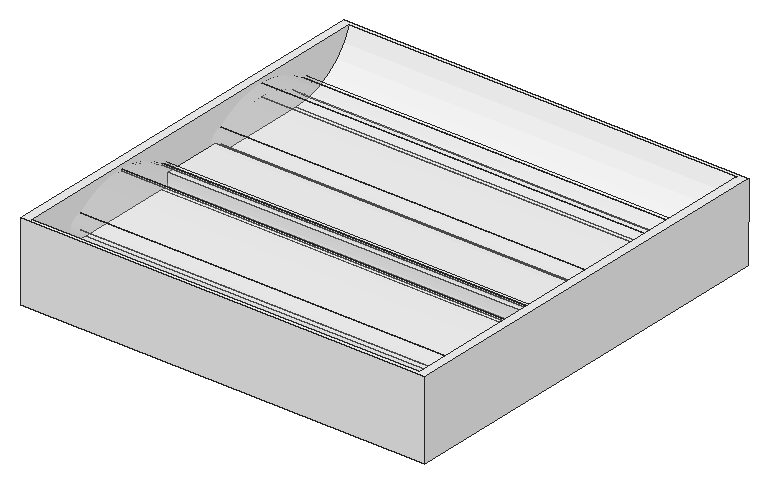
Revit family "TCAT22_and_24-SM", category Lighting Fixtures, host Face, Revit 2021
Family settings
  Host = Face
  Round Connector Dimension = Use Diameter
  Part Type = Normal
  OmniClass Number = 23.80.70.11
  OmniClass Title = Luminaries for Internal Lighting
  Cut with Voids When Loaded = No
  Light Source = Yes
  Shared = No
  Room Calculation Point = No
Parameters (values of type "TCAT22")
  zz Length = Row Length - 1.000"  # 23.000"
  Width = 24.000"
  Watts = 37 W
  Wattage = 69 W
  Warranty = "Five-year warranty"  # constant formula
  built-in parameter 1150110 = 1 (stored number, unit not read)
  Voltage = 120 V
  Wattage Comments = "12-37 W"
  URL = "https://www.currentlighting.com/columbia"
  built-in parameter 1114217 = 1 (stored number, unit not read)
  Tilt Angle = -90.00°
  built-in parameter 1150109 = 1 (stored number, unit not read)
  built-in parameter 1150134 = 2
  built-in parameter 1150113 = 1 (stored number, unit not read)
  Product Page URL = ""
  Product Documentation Link = ""
  Photometric Web File = "TCAT22-50HLx-EDU.ies"
  Model = "TCAT22"
  Manufacturer = "Columbia Lighting"  # constant formula
  Row Length = 24.000"
  built-in parameter 1150105 = 815.62 (stored number, unit not read)
  Lumens = 10249.4 lm
  built-in parameter 1150115 = 1 (stored number, unit not read)
  Load Classification = Lighting
  built-in parameter 1150137 = (empty or 0)
  built-in parameter 1150139 = (empty or 0)
  built-in parameter 1150112 = 1 (stored number, unit not read)
  built-in parameter 1150114 = 1 (stored number, unit not read)
  Lamp = "LED lamp"  # constant formula
  Light Bulb = White Glass
  built-in parameter 1150132 = (empty or 0)
  built-in parameter 1150102 = (empty or 0)
  built-in parameter 1150107 = 5000 (stored number, unit not read)
  built-in parameter 1150138 = (empty or 0)
  built-in parameter 1150106 = 8.1562 (stored number, unit not read)
  Emit from Rectangle Width = 3.000"
  Emit from Rectangle Length = 22.800"
  Emit Shape Visible in Rendering = no
  built-in parameter 1150104 = 13.8 (stored number, unit not read)
  Dimming Lamp Color Temperature Shift = <None>
  Description = "LED Twin Contemporary Architectural Troffer"  # constant formula
  Default Elevation = 48.000"
  Color Filter = 16777215
  Certifications = "UL 1598, 2108 & CSA"  # constant formula
  built-in parameter 1114218 = 1 (stored number, unit not read)
  Backbox = White
  built-in parameter 1150133 = 10 (stored number, unit not read)
  Apparent Load = 0 VA
Types (3): name | zz Length | Watts | Wattage Comments | built-in parameter 1150134 | Photometric Web File | Model | Row Length | built-in parameter 1150107 | Emit from Rectangle Length
  (no name) | 23.000" | 37 W | "12-37 W" | 2 | "TCAT22-50HLx-EDU.ies" | "TCAT22" | 24.000" | 5000 (stored number, unit not read) | 22.800"
  TCAT24 | 47.000" | 69 W | "19-69 W" | (empty or 0) | "TCAT24-30LWx-EDU.ies" | "TCAT24" | 48.000" | 3000 (stored number, unit not read) | 46.800"
  TCAT22 | 23.000" | 37 W | "12-37 W" | 2 | "TCAT22-50HLx-EDU.ies" | "TCAT22" | 24.000" | 5000 (stored number, unit not read) | 22.800"
Reference planes (in)
  plane 1 "Center (Front/Back)": y = 0.03999
  plane 2: z = 0
  plane 3 "Center (Left/Right)": x = 1.66944
  plane 4: x = -10.33056
  plane 5: x = 13.66944
  plane 6: z = -4
  plane 7: y = -11.96001
  plane 8: y = 12.03999
Dimensions and locks (in)
  equal spacing: plane 5, plane 3 "Center (Left/Right)", plane 4
  "Row Length": plane 5 to plane 4
  equal spacing: plane 7, plane 1 "Center (Front/Back)", plane 8
  "Width": plane 7 to plane 8
  aligned and locked: plane 2 to host face
  aligned and locked: level to host face
  aligned and locked: plane 3 "Center (Left/Right)" to imposter light
  aligned and locked: plane 3 "Center (Left/Right)" to nested 1
  aligned and locked: plane 1 "Center (Front/Back)" to nested 1
  aligned and locked: imposter light to nested 1
Automatic sketch dimensions
  host sketch curve to host sketch curve = 96.000"  (x2)
Nested families (in)
  nested 1: "LED Contemporary Architectural Troffer" at (1.66944, 0.03999, 0), Glass <- "Light Bulb", Finish <- "Backbox", Width <- "Width", Row Length <- "Row Length", type "LED Contemporary Architectural Troffer"
    with Width 24.000", Row Length 24.000", Height 4.625", Glass White Glass, Finish White
Connectors (in)
  electrical at (1.66944, 0.03999, 0), driven by "Voltage", driven by "Load Classification", driven by "Apparent Load"
    settings: on nested 1, index 1, voltage 120 V, apparent load 0 VA, apparent load phase1 0 VA, apparent load phase2 0 VA, apparent load phase3 0 VA, power factor 1, load classification "Lighting", number of poles 1, system type 30, power factor state 1, is connector primary yes, connector utility no, sub classification motor no, connector description "Lighting Connector"
Definition of nested family "LED Contemporary Architectural Troffer"
  Parameters
    Width [instance] = 24.000"
    Row Length [instance] = 24.000"
    Height [instance] = 4.000"
    Glass [instance] = none
    Finish [instance] = none
    Default Elevation = 48.000"
  Reference planes (in)
    plane 1 "Center (Front/Back)": y = 0
    plane 2: z = 0
    plane 3 "Center (Left/Right)": x = 0
    plane 4: x = 12
    plane 5: x = -12
    plane 6: y = -12
    plane 7: y = 12
    plane 8: z = 4
    plane 9: x = -11.5
    plane 10: x = 11.5
    plane 11: y = -3
    plane 12: y = 3
    plane 13: z = 2
    plane 14: y = -11.75
    plane 15: y = 11.75
    plane 16: z = 0.25
  Forms (in)
    Extrusion 1, solid
      sketch origin (0, 0, 0) x (1, 0, 0) y (0, 1, 0)
        loop
          line (-48, 48) -> (-48, -48) -> (48, -48) -> (48, 48) -> (-48, 48)
      from 0 to -12
    Extrusion 2, solid, material <- "Glass"
      sketch origin (0, 0, 0) x (0, 1, 0) y (0, 0, 1)
        loop
          arc (2.2, 2) -> (1.95, 2.25) -> (2.2, 2.5) r 0.25
          arc (2.2, 2.5) -> (3.58307, 3.40315) -> (5.2054, 3.71395) r 4.27102
          arc (5.2054, 3.71395) -> (6.82773, 3.40315) -> (8.2108, 2.5) r 4.27102
          arc (8.2108, 2.5) -> (8.4608, 2.25) -> (8.2108, 2) r 0.25
          line (8.2108, 2) -> (8.2108, 1.89823)
          arc (8.2108, 1.89823) -> (8.56159, 2.24902) -> (8.2108, 2.59982) r 0.35079
          arc (8.2108, 2.59982) -> (6.8238, 3.48995) -> (5.2054, 3.80122) r 4.35698
          arc (5.2054, 3.80122) -> (3.587, 3.48995) -> (2.2, 2.59982) r 4.35698
          arc (2.2, 2.59982) -> (1.84921, 2.24902) -> (2.2, 1.89823) r 0.35079
          line (2.2, 1.89823) -> (2.2, 2)
        loop
          line (-2.2, 2) -> (-2.2, 1.89823)
          arc (-2.2, 1.89823) -> (-1.84921, 2.24902) -> (-2.2, 2.59982) r 0.35079
          arc (-2.2, 2.59982) -> (-3.587, 3.48995) -> (-5.2054, 3.80122) r 4.35698
          arc (-5.2054, 3.80122) -> (-6.8238, 3.48995) -> (-8.2108, 2.59982) r 4.35698
          arc (-8.2108, 2.59982) -> (-8.56159, 2.24902) -> (-8.2108, 1.89823) r 0.35079
          line (-8.2108, 1.89823) -> (-8.2108, 2)
          arc (-8.2108, 2) -> (-8.4608, 2.25) -> (-8.2108, 2.5) r 0.25
          arc (-8.2108, 2.5) -> (-6.82773, 3.40315) -> (-5.2054, 3.71395) r 4.27102
          arc (-5.2054, 3.71395) -> (-3.58307, 3.40315) -> (-2.2, 2.5) r 4.27102
          arc (-2.2, 2.5) -> (-1.95, 2.25) -> (-2.2, 2) r 0.25
      from -11.5 to 11.5
    Extrusion 3, solid, material <- "Finish"
      sketch origin (0, 0, 0) x (0, 1, 0) y (0, 0, 1)
        loop
          line (-12, 4) -> (-12, 0) -> (12, 0) -> (12, 4) -> (-12, 4)
      from 11.5 to 12
    Extrusion 4, solid, material <- "Finish"
      sketch origin (0, 0, 0) x (0, 1, 0) y (0, 0, 1)
        loop
          line (12, 4) -> (-12, 4) -> (-12, 0) -> (12, 0) -> (12, 4)
      from -12 to -11.5
    Extrusion 5, solid, material <- "Finish"
      sketch origin (0, 0, 0) x (0, 1, 0) y (0, 0, 1)
        loop
          line (-12, 0) -> (12, 0) -> (12, 4) -> (11.75, 4) -> (11.75, 0.25) -> (-11.75, 0.25) -> (-11.75, 4) -> (-12, 4) -> (-12, 0)
      from -11.5 to 11.5
    Extrusion 6, solid, material <- "Finish"
      sketch origin (0, 0, 0) x (0, 1, 0) y (0, 0, 1)
        loop
          arc (-7.77803, 2) -> (-10.00157, 2.52822) -> (-11.75, 4) r 4.94414
          line (-11.75, 4) -> (-11.75, 0.25) -> (11.75, 0.25) -> (11.75, 4)
          arc (11.75, 4) -> (10.01391, 2.5285) -> (7.80032, 2) r 4.9
          line (7.80032, 2) -> (-7.77803, 2)
      from -12 to 12
    Extrusion 7, solid, material <- "Finish"
      sketch origin (0, 0, 0) x (0, 1, 0) y (0, 0, 1)
        loop
          line (-1.75, 2) -> (1.75, 2) -> (1.75, 2.75) -> (-1.75, 2.75) -> (-1.75, 2)
      from -11.5 to 11.5
  Cuts and joins
    joined: Extrusion 3, Extrusion 4, Extrusion 5, Extrusion 6
  Dimensions and locks (in)
    equal spacing: plane 4, plane 3 "Center (Left/Right)", plane 5
    "Row Length": plane 4 to plane 5
    equal spacing: plane 6, plane 1 "Center (Front/Back)", plane 7
    "Width": plane 6 to plane 7
    "Height": plane 8 to plane 2
    equal spacing: plane 10, plane 3 "Center (Left/Right)", plane 9
    locked: plane 9 to plane 5 at 0.5
    equal spacing: plane 11, plane 1 "Center (Front/Back)", plane 12
    locked: plane 11 to plane 1 "Center (Front/Back)" at 3
    locked: plane 6 to plane 14 at 0.25
    equal spacing: plane 14, plane 1 "Center (Front/Back)", plane 15
    locked: plane 16 to level at 0.25
    level to Extrusion 5 = 4.000"
    aligned and locked: plane 2 to Extrusion 1
    aligned and locked: level to Extrusion 1
    aligned and locked: Extrusion 2 to plane 10
    aligned and locked: Extrusion 2 to plane 9
    aligned and locked: plane 8 to Extrusion 3 sketch curve
    aligned and locked: plane 6 to Extrusion 3 sketch curve
    aligned and locked: level to Extrusion 3 sketch curve
    aligned and locked: Extrusion 3 sketch curve to plane 7
    aligned and locked: plane 4 to Extrusion 3
    aligned and locked: plane 10 to Extrusion 3
    aligned and locked: Extrusion 4 sketch curve to Extrusion 3  (x4)
    aligned and locked: Extrusion 4 to plane 5
    aligned and locked: plane 9 to Extrusion 4
    aligned and locked: Extrusion 5 sketch curve to Extrusion 3  (x4)
    aligned and locked: plane 8 to Extrusion 5 sketch curve
    aligned and locked: Extrusion 5 sketch curve to plane 14
    aligned and locked: plane 16 to Extrusion 5 sketch curve
    aligned and locked: Extrusion 5 sketch curve to plane 15
    aligned and locked: Extrusion 5 to plane 10
    aligned and locked: Extrusion 5 to plane 9
    aligned and locked: plane 13 to Extrusion 6 sketch curve
    aligned and locked: Extrusion 6 sketch curve to plane 14
    aligned and locked: plane 16 to Extrusion 6 sketch curve
    aligned and locked: Extrusion 6 sketch curve to plane 15
    aligned and locked: plane 4 to Extrusion 6
    aligned and locked: Extrusion 6 to plane 5
    aligned and locked: plane 13 to Extrusion 7 sketch curve
    aligned and locked: Extrusion 7 to plane 10
    aligned and locked: Extrusion 7 to plane 9
  Automatic sketch dimensions
    Extrusion 1 sketch curve to Extrusion 1 sketch curve = 96.000"  (x2)
    plane 8 to Extrusion 6 sketch curve = 0.000"  (x2)
    Extrusion 6 sketch curve to Extrusion 6 sketch curve = 3.94968"
    Extrusion 6 sketch curve to Extrusion 6 sketch curve = 3.97197"
    plane 13 to Extrusion 2 sketch curve = 0.000"  (x4)
    plane 11 to Extrusion 2 sketch curve = 0.800"
    plane 12 to Extrusion 2 sketch curve = 0.800"
    Extrusion 2 sketch curve to level = 0.55701"  (x2)
    Extrusion 2 sketch curve to plane 11 = 2.18267"
    Extrusion 2 sketch curve to Extrusion 2 sketch curve = 0.0216"  (x4)
    plane 8 to Extrusion 2 sketch curve = 0.28605"
    Extrusion 2 sketch curve to plane 11 = 2.2054"
    Extrusion 2 sketch curve to Extrusion 2 sketch curve = 0.000"  (x5)
    Extrusion 2 sketch curve to Extrusion 2 sketch curve = 0.00226"  (x2)
    Extrusion 2 sketch curve to plane 13 = 0.250"
    Extrusion 2 sketch curve to Extrusion 2 sketch curve = 3.0054"
    Extrusion 2 sketch curve to plane 12 = 2.18267"
    plane 8 to Extrusion 2 sketch curve = 0.19878"
    Extrusion 2 sketch curve to plane 12 = 2.2054"
    Extrusion 2 sketch curve to plane 13 = 0.500"
    plane 15 to Extrusion 2 sketch curve = 3.5392"
    Extrusion 2 sketch curve to Extrusion 2 sketch curve = 0.00126"  (x2)
    plane 13 to Extrusion 2 sketch curve = 0.10177"  (x4)
    Extrusion 2 sketch curve to Extrusion 2 sketch curve = 0.00098"
    plane 11 to Extrusion 7 sketch curve = 1.250"
    plane 12 to Extrusion 7 sketch curve = 1.250"
    Extrusion 7 sketch curve to Extrusion 7 sketch curve = 0.750"
